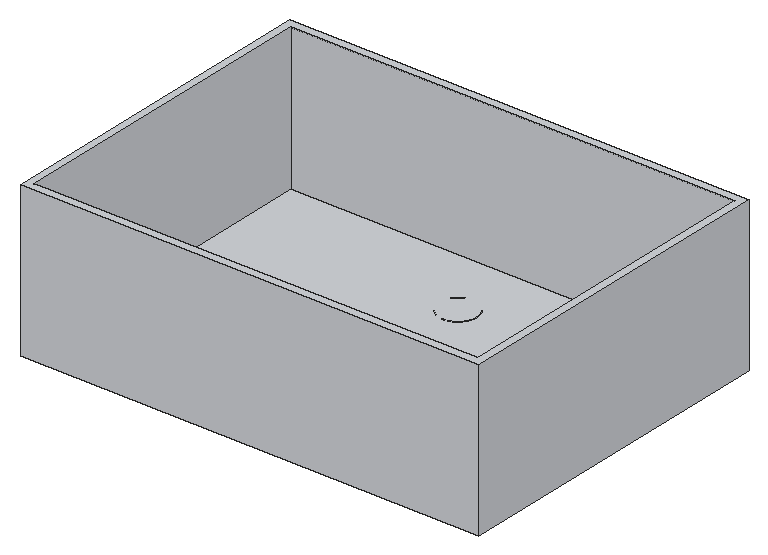
Revit family "e19358ee10e64b779bd96e436736631b", category Plumbing Fixtures, Revit 2021
Family settings
  Round Connector Dimension = Use Radius
  Part Type = Normal
  OmniClass Number = 23.45.05.14.14
  OmniClass Title = Sinks/Lavatories
  Seek Item ID = Sink - Scrub Floor-0000-USA-ENU
  Work Plane-Based = No
  Always vertical = Yes
  Cut with Voids When Loaded = No
  Shared = No
  Room Calculation Point = No
Parameters (values of type "30"x22"")
  WFU = 2
  Sink Width = 1' - 10"
  Sink Material = none
  Sink Length = 2' - 6"
  Sink Depth = 0' - 9 1/2"
  Sanitary Radius = 1 1/4"
  Sanitary Diameter = 2 * Sanitary Radius  # 2 1/2"
  HWFU = 0
  Default Elevation = 0' - 0"
  CWFU = 0
Reference planes (in)
  plane 1 "Center (Front/Back)": y = 0
  plane 2: z = 0
  plane 3 "Center (Left/Right)": x = 0
  plane 4: x = -15
  plane 5: x = 15
  plane 6: y = -22
  plane 7: z = 0.5
  plane 8: z = 10
  plane 9: y = -0.5
  plane 10: x = -14.5
  plane 11: x = 14.5
  plane 12: y = -21.5
  plane 13: y = -5
Forms (in)
  Extrusion 1, solid, material <- "Sink Material"
    sketch origin (0, 0, 0) x (1, 0, 0) y (0, 1, 0)
      loop
        line (-15, 0) -> (-15, -22) -> (15, -22) -> (15, 0) -> (-15, 0)
    from 0 to 10
  Extrusion 2, void
    sketch origin (0, 0, 0) x (1, 0, 0) y (0, 1, 0)
      loop
        line (-14.5, -0.5) -> (-14.5, -21.5) -> (14.5, -21.5) -> (14.5, -0.5) -> (-14.5, -0.5)
    from 0.5 to 10
  Extrusion 3, solid, material <- "Sink Material"
    sketch origin (0, 0, 0) x (1, 0, 0) y (0, 1, 0)
      loop
        circle (0, -5) r 1.25
    from 0 to 0.5
Cuts and joins
  Extrusion 2 cuts Extrusion 1
Dimensions and locks (in)
  equal spacing: plane 4, plane 3 "Center (Left/Right)", plane 5
  "Sink Length": plane 4 to plane 5
  "Sink Width": plane 1 "Center (Front/Back)" to plane 6
  locked: plane 7 to plane 2 at 0.5
  "Sink Depth": plane 8 to plane 7
  locked: plane 9 to plane 1 "Center (Front/Back)" at 0.5
  locked: plane 4 to plane 10 at 0.5
  locked: plane 12 to plane 6 at 0.5
  locked: plane 11 to plane 5 at 0.5
  locked: plane 1 "Center (Front/Back)" to plane 13 at 5
  radius of Extrusion 3 sketch curve = 0' - 1 1/4"
  aligned and locked: plane 4 to Extrusion 1 sketch curve
  aligned and locked: plane 1 "Center (Front/Back)" to Extrusion 1 sketch curve
  aligned and locked: plane 6 to Extrusion 1 sketch curve
  aligned and locked: Extrusion 1 sketch curve to plane 5
  aligned and locked: Extrusion 1 to plane 2
  aligned and locked: plane 8 to Extrusion 1
  aligned and locked: plane 10 to Extrusion 2 sketch curve
  aligned and locked: plane 9 to Extrusion 2 sketch curve
  aligned and locked: plane 12 to Extrusion 2 sketch curve
  aligned and locked: plane 11 to Extrusion 2 sketch curve
  aligned and locked: Extrusion 2 to plane 7
  aligned and locked: plane 8 to Extrusion 2
  aligned and locked: plane 13 to Extrusion 3 sketch curve
  aligned and locked: plane 3 "Center (Left/Right)" to Extrusion 3 sketch curve
  aligned and locked: Extrusion 3 to plane 2
  aligned and locked: plane 7 to Extrusion 3
Connectors (in)
  piping at (0, -5, 0), diameter 2.5, driven by "Sanitary Radius", driven by "WFU"
    settings: on Extrusion 3, index 1, connector inside diameter 2 1/2", connector length 0' - 0", flow factor 0, pipe flow 0 GPM, pressure drop 0.00 psi, fitting loss kfactor 0, connector angle 0.00°, fixture units 2, engagement length 0' - 0", angle of deflection 0.00°, flow configuration 3, flow direction 2, fitting loss method 0, system type 16, joint type 0, gender type 0, connector reference index -1, connector utility 0, adjustable connector no, is connector primary yes, connector description "Out"
